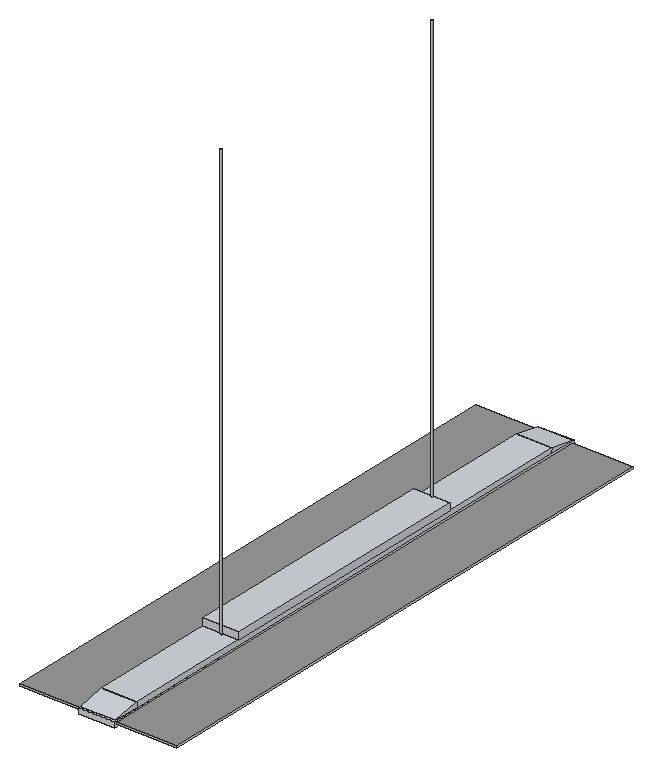
Revit family "C75-P1300 G2 40 60 WH 5000 DALI 830 PRE C2 MP_Unhosted", category Lighting Fixtures, Revit 2016
Family settings
  Part Type = Normal
  Round Connector Dimension = Use Diameter
  OmniClass Number = 23.80.70.00
  OmniClass Title = Lighting
  Work Plane-Based = No
  Always vertical = Yes
  Cut with Voids When Loaded = No
  Light Source = Yes
  Shared = No
  Room Calculation Point = No
Parameters
  Wiring Accessories = ""
  Width1 = 90 mm
  Width = 358 mm
  Wattage = 35 W
  VoltageMax = 240 V
  built-in parameter 1150110 = 1 (stored number, unit not read)
  Voltage = 220 V
  UpdateDate = "17.11.2020 06:31:50"
  URL UK = "http://glamox.com/uk/products/C75-P-G2/items/C75234141"
  URL Sweden = "http://glamox.com/se/produkter/C75-P-G2/items/C75234141"
  URL Russia = "http://glamox.com/ru/products/C75-P-G2/items/C75234141"
  URL Other = "http://glamox.com/gsx/products/C75-P-G2/items/C75234141"
  URL Norway = "http://glamox.com/no/produkter/C75-P-G2/items/C75234141"
  URL Ireland = "http://glamox.com/ie/products/C75-P-G2/items/C75234141"
  URL Germany = "http://glamox.com/de/products/C75-P-G2/items/C75234141"
  URL Finland = "http://glamox.com/fi/products/C75-P-G2/items/C75234141"
  URL Estonia = "http://glamox.com/ee/products/C75-P-G2/items/C75234141"
  URL Denmark = "http://glamox.com/dk/produkter/C75-P-G2/items/C75234141"
  TypeOfEmergency = ""
  TypeOfBallast = "DALI"
  TotalWattage = 35 W
  Total Load = 35 W
  built-in parameter 1114217 = 1 (stored number, unit not read)
  Tilt Angle = 90.00°
  Termination = "5x0,75 C2"
  built-in parameter 1150109 = 1 (stored number, unit not read)
  built-in parameter 1150134 = (empty or 0)
  built-in parameter 1150113 = 1 (stored number, unit not read)
  Specification = "Interior product, in body material Aluminium, for Pendant mounting, in White  colour, IP20, light source LED, lumen out 4705lm, ballast type DALI, light source supplied type CRI>80, 3000K, 2 metre cable, optic type MP = Micro-Prismatic, with Acrylic difuser material, gives an up/down light distribution 40/60."
  Remark = ""
  RatedVoltage = 220 V
  PowerFactor = 98.00%
  Power Factor = 0.98
  Plug Type = ""
  Photometric Web File = "C75-P1300-G2-40-60-5000-830-MP.ies"
  Optic = "MP"
  Number of Poles = 1
  NominalFrequencyRange = 50 Hz
  ModelReference = "C75-P G2"
  ModelLabel = "C75-P1300 G2 40/60 WH 5000 DALI 830 PRE C2 MP"
  Maximum TA = 45
  Manufacturer = "Glamox"
  MaintenanceFactor = 0
  MFArtNo = "C75234141"
  LumWidth = 300 mm
  LumLength = 1300 mm
  Load Classification [instance] = Lighting
  Lumens = 4705 lm
  built-in parameter 1150115 = 1 (stored number, unit not read)
  built-in parameter 1150105 = 374.41 (stored number, unit not read)
  LightFixturePlacingType = "CEILING"
  LightFixtureMountingType = "SUSPENDED"
  built-in parameter 1150137 = (empty or 0)
  built-in parameter 1150139 = (empty or 0)
  Length = 1306 mm
  LampBase = ""
  Lamp Wattage Comments = ""
  built-in parameter 1150112 = 1 (stored number, unit not read)
  built-in parameter 1150114 = 1 (stored number, unit not read)
  Lamp = "LED"
  built-in parameter 1150132 = 2
  built-in parameter 1150102 = (empty or 0)
  built-in parameter 1150138 = (empty or 0)
  built-in parameter 1150107 = 3000 (stored number, unit not read)
  built-in parameter 1150106 = 3.7441 (stored number, unit not read)
  Suspensions Visible = no
  IP_Code = "20"
  IPClass = "20"
  IK_Code = ""
  IFC Classification = "Light Fixture"
  Height = 40 mm
  GlobalTradeItemNumber = "7332402341416"
  Glamox Mounting = "Pendant"
  Glamox Family = "C75-P G2"
  Glamox Category = "Interior"
  FrequencyMax = 60 Hz
  Frequency = 50 Hz
  Expired = "0"
  Emit from Rectangle Width = LumLength  # 1300 mm
  Emit from Rectangle Length = LumWidth  # 300 mm
  Emit Shape Visible in Rendering = no
  built-in parameter 1150104 = 12.489 (stored number, unit not read)
  ELNo Norway = ""
  ELNo Finland = ""
  EANNo = "7332402341416"
  DurationInBatteryMode = ""
  Distance From ceiling [instance] = 1000 mm
  Dimming Lamp Color Temperature Shift = <None>
  Description = "C75-P1300 G2 40/60 WH 5000 DALI 830 PRE C2 MP"
  Cut Out = ""
  Completion = ""
  Color Filter = 16777215
  Suspension Material = Default
  Body Material and Colour = Default
  built-in parameter 1114218 = 1 (stored number, unit not read)
  built-in parameter 1150133 = 10 (stored number, unit not read)
  ArticleNumber = "C75234141"
  Apparent Load = Total Load / Power Factor  # 35.7143 VA
  #Ballast = 1
  # ballast on a MCB16 type C fuse = "37"
  # ballast on a MCB16 type B fuse = "22"
Reference planes
  plane 1 "Light Source Axis (F/B)": y = 119.961
  plane 2: z = 0
  plane 3 "Light Source Axis (L/R)": x = 0
  plane 4 "Light Source Elevation": z = -5
  plane 5: x = 179
  plane 6: x = -179
  plane 7: y = 772.961
  plane 8: y = -533.039
  plane 9: y = 767.961
  plane 10: y = 419.961
  plane 11: y = -180.039
  plane 12: y = -528.039
  plane 13: x = -179
  plane 14: x = 179
  plane 15: z = 1000
Forms (mm)
  Extrusion 1, solid, material "Default" <- "Suspension Material", visible <- "Suspensions Visible", not visible
    sketch origin (0, 1319.475, 444.105) x (1, 0, 0) y (0, 1, 0)
      loop
        circle (0, 419.961) r 1
      loop
        circle (0, -180.039) r 1
    from -387.523 to -12
  Extrusion 2, solid, not visible
    sketch origin (0, 1439.436, 56.582) x (1, 0, 0) y (0, 1, 0)
      loop
        line (-40, 653) -> (-40, -653) -> (40, -653) -> (40, 653) -> (-40, 653)
    from 386.523 to 398.523
  Extrusion 3, solid, not visible
    sketch origin (0, 1439.436, 56.582) x (1, 0, 0) y (0, 1, 0)
      loop
        line (-179, 648) -> (-179, -648) -> (179, -648) -> (179, 648) -> (-179, 648)
    from 390.523 to 394.523
  Extrusion 4, solid, not visible
    sketch origin (0, 1439.436, 56.582) x (1, 0, 0) y (0, 1, 0)
      loop
        line (-40, 588) -> (-40, -588) -> (40, -588) -> (40, 588) -> (-40, 588)
    from 375.523 to 386.523
  Extrusion 5, solid, not visible
    sketch origin (0, 1439.436, 56.582) x (1, 0, 0) y (0, 1, 0)
      loop
        line (-40, 300) -> (-40, -300) -> (40, -300) -> (40, 300) -> (-40, 300)
    from 358.523 to 375.523
  Extrusion 6, solid, not visible
    sketch origin (0, 1439.436, 56.582) x (0, 1, 0) y (0, 0, 1)
      loop
        line (588, 386.523) -> (588, 375.523) -> (648, 386.523) -> (588, 386.523)
    from -40 to 40
  Extrusion 7, solid, not visible
    sketch origin (0, 1439.436, 56.582) x (0, -1, 0) y (0, 0, -1)
      loop
        line (588, -386.523) -> (648, -386.523) -> (588, -375.523) -> (588, -386.523)
    from -40 to 40
  Extrusion 8, solid
    sketch origin (0, 32.904, -394.676) x (0, -1, 0) y (1, 0, 0)
      loop
        line (565.944, -40) -> (565.944, 40) -> (-740.056, 40) -> (-740.056, -40) -> (565.944, -40)
    from 397.833 to 385.523
  Extrusion 9, solid
    sketch origin (0, 32.904, -394.676) x (0, -1, 0) y (1, 0, 0)
      loop
        line (560.944, -179) -> (560.944, 179) -> (-735.056, 179) -> (-735.056, -179) -> (560.944, -179)
    from 390.523 to 394.523
  Extrusion 10, solid
    sketch origin (0, 32.904, -394.676) x (0, -1, 0) y (1, 0, 0)
      loop
        line (500.944, -40) -> (500.944, 40) -> (-679.954, 40) -> (-679.954, -40) -> (500.944, -40)
    from 408.852 to 397.833
  Extrusion 11, solid
    sketch origin (0, 32.904, -344.667) x (0, -1, 0) y (1, 0, 0)
      loop
        line (212.944, -40) -> (212.944, 40) -> (-387.056, 40) -> (-387.056, -40) -> (212.944, -40)
    from 358.842 to 375.523
  Extrusion 12, solid
    sketch origin (0, 6.961, 389.699) x (0, -1, 0) y (0, 0, -1)
      loop
        line (475, 386.523) -> (475, 375.523) -> (535, 386.523) -> (475, 386.523)
    from -40 to 40
  Extrusion 13, solid
    sketch origin (0, 11.858, 389.699) x (0, 1, 0) y (0, 0, 1)
      loop
        line (701, -386.542) -> (761.102, -386.542) -> (701, -375.523) -> (701, -386.542)
    from -40 to 40
  Extrusion 14, solid
    sketch origin (0, 0, 12.993) x (0, 1, 0) y (-1, 0, 0)
      loop
        circle (419.961, 0) r 2
    from -9.837 to 987.007
  Extrusion 15, solid
    sketch origin (0, 0, 12.993) x (0, 1, 0) y (-1, 0, 0)
      loop
        circle (-180.039, 0) r 2
    from -9.837 to 987.007
Lines and regions (mm)
  symbolic lines
    curve 1: circle (0, -667.039, 12.993) r 5 normal (0, 0, 1)
    curve 2: circle (0, -733.039, 12.993) r 5 normal (0, 0, 1)
    curve 3: line (179, 767.961, 12.993) -> (-179, 767.961, 12.993)
    curve 4: line (-179, 767.961, 12.993) -> (-179, -528.039, 12.993)
    curve 5: line (-179, -528.039, 12.993) -> (179, -528.039, 12.993)
    curve 6: line (179, -528.039, 12.993) -> (179, 767.961, 12.993)
    curve 7: arc (0, 417.961, 12.993) -> (2, 419.961, 12.993) -> (0, 421.961, 12.993) r 2
    curve 8: arc (0, 421.961, 12.993) -> (-2, 419.961, 12.993) -> (0, 417.961, 12.993) r 2
    curve 9: arc (0, -178.039, 12.993) -> (-2, -180.039, 12.993) -> (0, -182.039, 12.993) r 2
    curve 10: arc (0, -182.039, 12.993) -> (2, -180.039, 12.993) -> (0, -178.039, 12.993) r 2
    curve 11: line (0, 119.961, 12.993) -> (113.137, 233.098, 12.993)
    curve 12: line (0, 119.961, 12.993) -> (113.137, 6.823, 12.993)
    curve 13: line (0, 119.961, 12.993) -> (-113.137, 233.098, 12.993)
    curve 14: line (0, 119.961, 12.993) -> (-113.137, 6.823, 12.993)
Dimensions and locks
  equal spacing: plane 5, plane 3 "Light Source Axis (L/R)", plane 6
  "Length": plane 8 to plane 7
  equal spacing: plane 8, plane 1 "Light Source Axis (F/B)", plane 7
  equal spacing: plane 10, plane 1 "Light Source Axis (F/B)", plane 11
  locked: plane 10 to plane 11 at 600
  locked: plane 7 to plane 9 at 5
  locked: plane 12 to plane 8 at 5
  equal spacing: plane 13, plane 3 "Light Source Axis (L/R)", plane 14
  "Width": plane 13 to plane 14
  "Distance From ceiling": plane 15 to plane 2
  radius of Extrusion 1 sketch curve = 1 mm
  angle curve 14 to curve 12 to plane 1 "Light Source Axis (F/B)" to curve 11 to curve 13 = 90.00° locked, 45.00° locked, 45.00° locked, 90.00° locked
  aligned and locked: plane 3 "Light Source Axis (L/R)" to imposter light
  aligned and locked: plane 4 "Light Source Elevation" to imposter light
  aligned and locked: Extrusion 8 to Extrusion 10
  aligned and locked: plane 9 to Extrusion 9
  aligned and locked: Extrusion 9 to plane 12
  aligned and locked: Extrusion 8 to plane 7
  aligned and locked: Extrusion 13 to plane 7
  aligned and locked: Extrusion 12 to plane 12
  aligned and locked: Extrusion 10 to Extrusion 12  (x2)
  aligned and locked: Extrusion 10 to Extrusion 13  (x2)
  aligned and locked: plane 8 to Extrusion 8
  aligned and locked: Extrusion 11 to Extrusion 10
  aligned and locked: Extrusion 13 to Extrusion 8
  aligned and locked: Extrusion 9 to plane 13
  aligned and locked: plane 14 to Extrusion 9
  aligned and locked: Extrusion 10 to Extrusion 11
  aligned and locked: curve 3 to Extrusion 9
  aligned and locked: curve 4 to Extrusion 9
  aligned and locked: curve 5 to Extrusion 9
  aligned and locked: curve 6 to Extrusion 9
  aligned and locked: plane 10 to Extrusion 11
  aligned and locked: plane 11 to Extrusion 11
  aligned and locked: imposter light to plane 1 "Light Source Axis (F/B)"
  aligned and locked: plane 15 to Extrusion 15
  aligned and locked: Extrusion 15 to Extrusion 8
  aligned and locked: plane 15 to Extrusion 14
  aligned and locked: Extrusion 14 to Extrusion 8
Automatic sketch dimensions
  Extrusion 1 sketch curve to Extrusion 1 sketch curve = 600 mm
  Extrusion 2 sketch curve to Extrusion 2 sketch curve = 1306 mm
  Extrusion 3 sketch curve to Extrusion 3 sketch curve = 1296 mm
  Extrusion 4 sketch curve to Extrusion 4 sketch curve = 1176 mm
  Extrusion 5 sketch curve to Extrusion 5 sketch curve = 600 mm
  Extrusion 6 sketch curve to Extrusion 6 sketch curve = 60 mm
  Extrusion 7 sketch curve to Extrusion 7 sketch curve = 60 mm
  Extrusion 7 sketch curve to Extrusion 7 sketch curve = 11 mm
  Extrusion 1 sketch curve to Extrusion 1 sketch curve = 0 mm
  Extrusion 2 sketch curve to Extrusion 2 sketch curve = 80 mm
  Extrusion 3 sketch curve to Extrusion 3 sketch curve = 358 mm
  Extrusion 4 sketch curve to Extrusion 4 sketch curve = 80 mm
  Extrusion 5 sketch curve to Extrusion 5 sketch curve = 80 mm
  Extrusion 6 sketch curve to Extrusion 6 sketch curve = 11 mm
  Extrusion 8 sketch curve to plane 7 = 0 mm
  plane 7 to Extrusion 8 sketch curve = 1306 mm
  plane 7 to Extrusion 9 sketch curve = 5 mm
  plane 7 to Extrusion 9 sketch curve = 1301 mm
  plane 7 to Extrusion 10 sketch curve = 60.102 mm
  plane 7 to Extrusion 10 sketch curve = 1241 mm
  plane 7 to Extrusion 11 sketch curve = 353 mm
  plane 7 to Extrusion 11 sketch curve = 953 mm
  plane 7 to Extrusion 12 sketch curve = 1241 mm
  Extrusion 12 sketch curve to Extrusion 12 sketch curve = 60 mm
  level to Extrusion 12 sketch curve = 14.175 mm
  Extrusion 12 sketch curve to Extrusion 12 sketch curve = 11 mm
  level to Extrusion 13 sketch curve = 14.175 mm
  plane 7 to Extrusion 13 sketch curve = 60.102 mm
  level to Extrusion 13 sketch curve = 3.157 mm
  Extrusion 13 sketch curve to Extrusion 13 sketch curve = 60.102 mm
  plane 5 to Extrusion 9 sketch curve = 0 mm
  Extrusion 9 sketch curve to plane 6 = 0 mm
  plane 3 "Light Source Axis (L/R)" to Extrusion 8 sketch curve = 40 mm
  plane 3 "Light Source Axis (L/R)" to Extrusion 10 sketch curve = 40 mm
  plane 3 "Light Source Axis (L/R)" to Extrusion 11 sketch curve = 40 mm
  Extrusion 8 sketch curve to plane 3 "Light Source Axis (L/R)" = 40 mm
  Extrusion 10 sketch curve to plane 3 "Light Source Axis (L/R)" = 40 mm
  Extrusion 11 sketch curve to plane 3 "Light Source Axis (L/R)" = 40 mm
  curve 2 to plane 3 "Light Source Axis (L/R)" = 0 mm
  curve 1 to plane 3 "Light Source Axis (L/R)" = 0 mm
  plane 1 "Light Source Axis (F/B)" to curve 14 = 0 mm
  curve 12 to plane 3 "Light Source Axis (L/R)" = 0 mm
  plane 8 to curve 1 = 134 mm
  curve 2 to curve 1 = 66 mm
  Extrusion 14 sketch curve to plane 3 "Light Source Axis (L/R)" = 0 mm
  Extrusion 14 sketch curve to plane 10 = 0 mm
  Extrusion 15 sketch curve to plane 3 "Light Source Axis (L/R)" = 0 mm
  plane 11 to Extrusion 15 sketch curve = 0 mm
  radius of Extrusion 1 sketch curve = 1 mm
  radius of curve 1 = 5 mm
  radius of curve 2 = 5 mm
  radius of Extrusion 14 sketch curve = 2 mm
  radius of Extrusion 15 sketch curve = 2 mm
